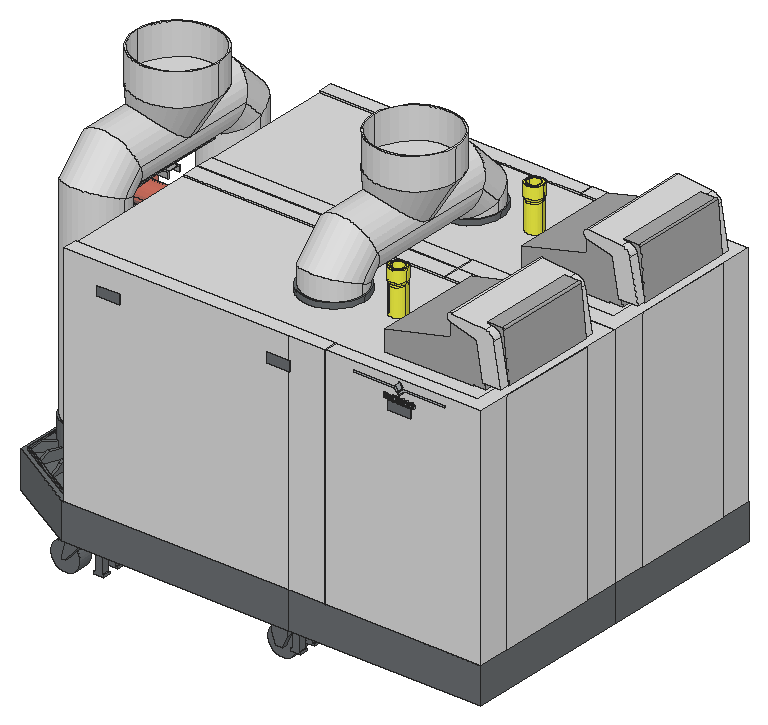
Revit family "HC_Boiler_Condensate Flow_MEPcontent_De Dietrich Thermique_C 640 8-10_FR-FR", category Mechanical Equipment, Revit 2018 (continued)
Definition of nested family "HC_Boiler_Remeha_320 Ace 8-10_Geometry_Right"
  Automatic sketch dimensions
    Extrusion 67 sketch curve to Extrusion 67 sketch curve = 47.602 mm
    Extrusion 67 sketch curve to Extrusion 67 sketch curve = 5.609 mm
    plane 17 to Extrusion 67 sketch curve = 20.603 mm
    Extrusion 67 sketch curve to plane 15 = 71.388 mm
    Extrusion 67 sketch curve to plane 6 = 12.549 mm
    Extrusion 67 sketch curve to Extrusion 67 sketch curve = 3.486 mm
    plane 17 to Extrusion 67 sketch curve = 27.549 mm
    Extrusion 67 sketch curve to plane 15 = 0.127 mm
    Extrusion 67 sketch curve to Extrusion 67 sketch curve = 31.809 mm
    Extrusion 67 sketch curve to plane 6 = 28.113 mm
    plane 1 "Center (Front/Back)" to Extrusion 68 sketch curve = 0.313 mm
    plane 3 "Center (Left/Right)" to Extrusion 68 sketch curve = 496.822 mm
    Extrusion 69 sketch curve to plane 13 = 0 mm  (x2)
    Extrusion 69 sketch curve to plane 18 = 0 mm
    Extrusion 69 sketch curve to plane 14 = 0 mm
    Extrusion 70 sketch curve to plane 6 = 0 mm
    plane 4 to Extrusion 70 sketch curve = 1.373 mm
    Extrusion 70 sketch curve to plane 4 = 30.496 mm
    Extrusion 70 sketch curve to plane 6 = 12.549 mm
    Extrusion 70 sketch curve to plane 14 = 47.598 mm
    plane 17 to Extrusion 70 sketch curve = 20.603 mm
    Extrusion 70 sketch curve to Extrusion 70 sketch curve = 39.392 mm
    Extrusion 70 sketch curve to plane 14 = 36.249 mm
    plane 17 to Extrusion 70 sketch curve = 3.317 mm
    Extrusion 70 sketch curve to plane 14 = 8.653 mm
    Extrusion 70 sketch curve to plane 14 = 1.535 mm
    plane 14 to Extrusion 70 sketch curve = 95.843 mm
    Extrusion 70 sketch curve to Extrusion 70 sketch curve = 1.547 mm
    Extrusion 70 sketch curve to plane 6 = 34.828 mm
    Extrusion 70 sketch curve to Extrusion 70 sketch curve = 4.594 mm
    plane 9 to Extrusion 70 sketch curve = 36.809 mm
    plane 4 to Extrusion 71 sketch curve = 3 mm
    plane 4 to Extrusion 71 sketch curve = 1.373 mm
    Extrusion 71 sketch curve to plane 4 = 15.437 mm
    Extrusion 71 sketch curve to plane 6 = 7.5 mm
    Extrusion 71 sketch curve to Extrusion 71 sketch curve = 7.97 mm
    Extrusion 71 sketch curve to plane 4 = 30.496 mm
    Extrusion 71 sketch curve to plane 6 = 12.549 mm
    Extrusion 71 sketch curve to Extrusion 71 sketch curve = 42.996 mm
    plane 17 to Extrusion 71 sketch curve = 20.603 mm
    Extrusion 71 sketch curve to Extrusion 71 sketch curve = 39.392 mm
    Extrusion 71 sketch curve to plane 14 = 36.568 mm
    Extrusion 71 sketch curve to Extrusion 71 sketch curve = 0.319 mm
    Extrusion 71 sketch curve to Extrusion 71 sketch curve = 20.45 mm
    Extrusion 71 sketch curve to Extrusion 71 sketch curve = 3.26 mm
    Extrusion 71 sketch curve to Extrusion 71 sketch curve = 7.311 mm
    plane 9 to Extrusion 71 sketch curve = 36.809 mm
    Extrusion 71 sketch curve to Extrusion 71 sketch curve = 1.809 mm
    Extrusion 72 sketch curve to plane 9 = 0 mm
    Extrusion 72 sketch curve to plane 18 = 83.5 mm
    Extrusion 72 sketch curve to plane 6 = 28.113 mm
    plane 14 to Extrusion 72 sketch curve = 111.752 mm
    Extrusion 72 sketch curve to plane 6 = 34.828 mm
    Extrusion 72 sketch curve to Extrusion 72 sketch curve = 9.768 mm
    Extrusion 72 sketch curve to plane 6 = 17.682 mm
    plane 9 to Extrusion 72 sketch curve = 5 mm
    plane 14 to Extrusion 72 sketch curve = 11.353 mm
    Extrusion 72 sketch curve to plane 14 = 1.535 mm
    plane 17 to Extrusion 72 sketch curve = 3.317 mm
    Extrusion 72 sketch curve to Extrusion 72 sketch curve = 7.118 mm
    Extrusion 72 sketch curve to plane 14 = 36.249 mm
    Extrusion 72 sketch curve to Extrusion 72 sketch curve = 5.609 mm
    Extrusion 72 sketch curve to Extrusion 72 sketch curve = 31.809 mm
    Extrusion 72 sketch curve to Extrusion 72 sketch curve = 87.443 mm
    Extrusion 72 sketch curve to plane 17 = 26.795 mm
    Extrusion 76 sketch curve to plane 9 = 0 mm
    Extrusion 76 sketch curve to plane 6 = 0 mm
    plane 9 to Extrusion 76 sketch curve = 87.443 mm
    plane 5 to Extrusion 76 sketch curve = 196.127 mm
    Extrusion 76 sketch curve to plane 17 = 26.795 mm
    Extrusion 76 sketch curve to Extrusion 76 sketch curve = 282.748 mm
    Extrusion 76 sketch curve to Extrusion 76 sketch curve = 14.362 mm
    Extrusion 76 sketch curve to Extrusion 76 sketch curve = 1.547 mm
    plane 9 to Extrusion 76 sketch curve = 5 mm
    Extrusion 76 sketch curve to Extrusion 76 sketch curve = 100.399 mm
    Extrusion 76 sketch curve to Extrusion 76 sketch curve = 47.602 mm
    Extrusion 76 sketch curve to Extrusion 76 sketch curve = 5.609 mm
    plane 17 to Extrusion 76 sketch curve = 20.603 mm
    Extrusion 76 sketch curve to Extrusion 76 sketch curve = 141.502 mm
    Extrusion 76 sketch curve to plane 6 = 12.549 mm
    Extrusion 76 sketch curve to Extrusion 76 sketch curve = 3.486 mm
    plane 17 to Extrusion 76 sketch curve = 27.549 mm
    plane 9 to Extrusion 76 sketch curve = 36.809 mm
    Extrusion 76 sketch curve to Extrusion 76 sketch curve = 79.124 mm
    Extrusion 76 sketch curve to plane 6 = 28.113 mm
    Sweep 62 sketch curve to Sweep 62 sketch curve = 44.198 mm
    Extrusion 48 sketch curve to plane 15 = 0.5 mm
    Extrusion 1 sketch curve to plane 4 = 0 mm
    Extrusion 1 sketch curve to plane 15 = 0 mm
    plane 3 "Center (Left/Right)" to Extrusion 1 sketch curve = 257.5 mm  (x2)
    Extrusion 1 sketch curve to plane 5 = 14 mm
    Extrusion 1 sketch curve to plane 10 = 10 mm
    Extrusion 1 sketch curve to plane 16 = 30.012 mm
    plane 14 to Extrusion 1 sketch curve = 77.432 mm
    Extrusion 1 sketch curve to plane 18 = 81.932 mm
    Extrusion 1 sketch curve to plane 10 = 10.5 mm
    Extrusion 77 sketch curve to Extrusion 77 sketch curve = 0 mm  (x2)
    Extrusion 77 sketch curve to plane 1 "Center (Front/Back)" = 0.5 mm
    plane 3 "Center (Left/Right)" to Extrusion 77 sketch curve = 166.5 mm
    Extrusion 21 sketch curve to plane 9 = 94.986 mm  (x3)
    Extrusion 21 sketch curve to Extrusion 21 sketch curve = 41.012 mm  (x3)
    plane 10 to Extrusion 21 sketch curve = 142 mm
    Extrusion 21 sketch curve to Extrusion 21 sketch curve = 97.004 mm  (x3)
    plane 3 "Center (Left/Right)" to Extrusion 21 sketch curve = 161.996 mm
    Extrusion 21 sketch curve to plane 15 = 401.006 mm
    radius of Extrusion 32 sketch curve = 125 mm
    radius of Extrusion 32 sketch curve = 132 mm
    radius of Extrusion 33 sketch curve = 30.15 mm
    radius of Extrusion 33 sketch curve = 35 mm
    radius of Extrusion 37 sketch curve = 25.4 mm
    radius of Extrusion 47 sketch curve = 125 mm
    radius of Extrusion 47 sketch curve = 132 mm
    radius of Extrusion 50 sketch curve = 30.15 mm
    radius of Extrusion 50 sketch curve = 35 mm
    radius of Extrusion 54 sketch curve = 44.5 mm
    radius of Extrusion 55 sketch curve = 44.45 mm
    radius of Extrusion 55 sketch curve = 49 mm
    radius of Sweep 56 sketch curve = 45.7 mm
    radius of Sweep 56 sketch curve = 38.05 mm
    radius of Extrusion 57 sketch curve = 99.5 mm
    radius of Extrusion 57 sketch curve = 9 mm  (x8)
    radius of Extrusion 57 sketch curve = 44.45 mm
    radius of Extrusion 58 sketch curve = 99.5 mm
    radius of Extrusion 58 sketch curve = 9 mm  (x8)
    radius of Extrusion 58 sketch curve = 44.5 mm
    radius of Extrusion 59 sketch curve = 92.5 mm
    radius of Extrusion 59 sketch curve = 9 mm  (x4)
    radius of Extrusion 59 sketch curve = 38.05 mm
    radius of Extrusion 60 sketch curve = 44.45 mm
    radius of Extrusion 61 sketch curve = 44.45 mm
    radius of Extrusion 61 sketch curve = 49 mm
    radius of Sweep 62 sketch curve = 45.7 mm
    radius of Sweep 62 sketch curve = 38.05 mm
    radius of Extrusion 63 sketch curve = 99.5 mm
    radius of Extrusion 63 sketch curve = 44.45 mm
    radius of Extrusion 64 sketch curve = 99.5 mm
    radius of Extrusion 65 sketch curve = 92.5 mm
    radius of Extrusion 65 sketch curve = 38.05 mm
    radius of Extrusion 69 sketch curve = 49 mm  (x2)
  Nested families
    nested 1: "Type" at (733.496, 353, 1260.013), type "Type", detail levels fine
    nested 2: "Logo" at (831.733, -1101.322, 1339.317) x (1, 0, 0) z (0, -0.0872, 0.9962), type "Logo", not visible
  Definition of nested family "Type"
    Parameters (values of type "Type")
      Watermarked By = "http://revitwatermark.com"
      Type Comments = ""
      Logo = none
      Keynote = "﻿﻿           ﻿     ﻿                                      ​         ​                                               ﻿﻿"
      Description = "﻿﻿           ﻿     ﻿                                      ​         ​                                               ﻿﻿"
      Assembly Code = "﻿﻿           ﻿     ﻿                                      ​         ​                                               ﻿﻿"
    Reference planes
      plane 1 "Center (Front/Back)": y = 0
      plane 2: z = 0
      plane 3 "Center (Left/Right)": x = 0
    Forms (mm)
      Extrusion 1, solid, material <- "Logo", detail levels fine
        sketch origin (0, 0, 0) x (1, 0, 0) y (0, 0, 1)
          loop
            line (-196.514, -7.625) -> (-24.589, -7.626)
            arc (-24.589, -7.626) -> (-21.719, -8.196) -> (-19.286, -9.822) r 7.5
            line (-19.286, -9.822) -> (-1.005, -28.103)
            arc (-1.005, -28.103) -> (0, -28.52) -> (1.005, -28.103) r 1.421
            line (1.005, -28.103) -> (19.286, -9.822)
            arc (19.286, -9.822) -> (21.719, -8.196) -> (24.589, -7.626) r 7.5
            line (24.589, -7.626) -> (196.514, -7.625) -> (197.253, 0) -> (21.224, 0)
            arc (21.224, 0) -> (18.546, -0.533) -> (16.275, -2.05) r 7
            line (16.275, -2.05) -> (1.131, -17.189)
            arc (1.131, -17.189) -> (0, -17.658) -> (-1.131, -17.189) r 1.6
            line (-1.131, -17.189) -> (-16.288, -2.036)
            arc (-16.288, -2.036) -> (-18.544, -0.529) -> (-21.204, 0) r 6.953
            line (-21.204, 0) -> (-197.253, 0) -> (-196.514, -7.625)
          loop
            line (-1.11, 21.527) -> (-15.551, 7.087)
            arc (-15.551, 7.087) -> (-16.018, 5.958) -> (-15.551, 4.83) r 1.596
            line (-15.551, 4.83) -> (-1.098, -9.622)
            arc (-1.098, -9.622) -> (0, -10.078) -> (1.098, -9.622) r 1.553
            line (1.098, -9.622) -> (15.572, 4.851)
            arc (15.572, 4.851) -> (16.03, 5.958) -> (15.572, 7.066) r 1.567
            line (15.572, 7.066) -> (1.11, 21.527)
            arc (1.11, 21.527) -> (0, 21.987) -> (-1.11, 21.527) r 1.57
          loop
            line (-65.002, -56.947) -> (-56.173, -56.947)
            arc (-56.173, -56.947) -> (-52.492, -55.922) -> (-49.873, -53.14) r 7.116
            arc (-49.873, -53.14) -> (-48.304, -47.023) -> (-49.644, -40.852) r 13.704
            arc (-49.644, -40.852) -> (-52.116, -38.077) -> (-55.686, -37.046) r 6.698
            line (-55.686, -37.046) -> (-65.002, -37.046) -> (-65.002, -56.947)
          loop
            line (-56.569, -40.154) -> (-61.239, -40.17) -> (-61.239, -53.823) -> (-56.958, -53.836)
            arc (-56.958, -53.836) -> (-54.725, -53.2) -> (-53.174, -51.472) r 4.19
            arc (-53.174, -51.472) -> (-52.089, -47.096) -> (-52.863, -42.655) r 10.928
            arc (-52.863, -42.655) -> (-54.332, -40.835) -> (-56.569, -40.154) r 3.976
          loop
            line (-7.094, -56.947) -> (-3.25, -56.947) -> (-3.25, -42.309) -> (-7.094, -42.309) -> (-7.094, -56.947)
          loop
            line (-7.094, -37.559) -> (-7.094, -41.061) -> (-3.25, -41.061) -> (-3.25, -37.559) -> (-7.094, -37.559)
          loop
            arc (8.081, -52.623) -> (4.356, -53.987) -> (2.246, -50.628) r 3.152
            line (2.246, -50.628) -> (11.888, -50.628)
            arc (11.888, -50.628) -> (11.883, -47.453) -> (10.698, -44.508) r 8.381
            arc (10.698, -44.508) -> (8.305, -42.384) -> (5.158, -41.806) r 5.956
            arc (5.158, -41.806) -> (2.687, -42.33) -> (0.409, -43.422) r 10.638
            arc (0.409, -43.422) -> (-1.271, -46.121) -> (-1.828, -49.251) r 8.409
            arc (-1.828, -49.251) -> (-1.504, -51.935) -> (-0.619, -54.49) r 12.713
            arc (-0.619, -54.49) -> (1.993, -56.656) -> (5.331, -57.264) r 6.695
            arc (5.331, -57.264) -> (9.352, -56.112) -> (11.661, -52.623) r 6.042
            line (11.661, -52.623) -> (8.081, -52.623)
          loop
            arc (13.888, -54.438) -> (14.683, -56.356) -> (16.601, -57.15) r 2.712
            line (16.601, -57.15) -> (20.12, -57.15) -> (20.12, -54.098) -> (18.734, -54.098)
            arc (18.734, -54.098) -> (18.026, -53.804) -> (17.732, -53.096) r 1.002
            line (17.732, -53.096) -> (17.732, -44.972) -> (20.12, -44.972) -> (20.12, -42.201) -> (17.732, -42.201) -> (17.732, -38.209) -> (13.888, -38.209) -> (13.888, -54.438)
          loop
            line (21.856, -56.947) -> (25.699, -56.947) -> (25.699, -48.765)
            arc (25.699, -48.765) -> (26.547, -46.719) -> (28.592, -45.872) r 2.893
            line (28.592, -45.872) -> (30.338, -45.872) -> (30.338, -41.773) -> (29.3, -41.773)
            arc (29.3, -41.773) -> (26.972, -42.53) -> (25.534, -44.511) r 3.958
            line (25.534, -44.511) -> (25.534, -42.201) -> (21.856, -42.201) -> (21.856, -56.947)
          loop
            line (31.267, -56.947) -> (35.111, -56.947) -> (35.111, -42.309) -> (31.267, -42.309) -> (31.267, -56.947)
          loop
            line (31.267, -37.559) -> (31.267, -41.061) -> (35.111, -41.061) -> (35.111, -37.559) -> (31.267, -37.559)
          loop
            line (51.797, -56.947) -> (55.641, -56.947) -> (55.641, -47.837)
            arc (55.641, -47.837) -> (58.399, -45.079) -> (61.158, -47.837) r 2.759
            line (61.158, -47.837) -> (61.158, -56.947) -> (65.002, -56.947) -> (65.002, -46.747)
            arc (65.002, -46.747) -> (63.569, -43.289) -> (60.111, -41.856) r 4.89
            arc (60.111, -41.856) -> (57.65, -42.396) -> (55.641, -43.917) r 5.879
            line (55.641, -43.917) -> (55.641, -37.045) -> (51.797, -37.045) -> (51.797, -56.947)
          loop
            arc (50.107, -47.467) -> (48.16, -43.271) -> (43.783, -41.773) r 5.893
            arc (43.783, -41.773) -> (40.733, -42.391) -> (38.282, -44.309) r 6.766
            arc (38.282, -44.309) -> (37.092, -47.026) -> (36.764, -49.974) r 9.864
            arc (36.764, -49.974) -> (37.886, -54.202) -> (41.292, -56.947) r 7.027
            arc (41.292, -56.947) -> (44.147, -57.392) -> (46.94, -56.651) r 7.027
            arc (46.94, -56.651) -> (49.227, -54.554) -> (50.075, -51.569) r 5.697
            line (50.075, -51.569) -> (46.547, -51.569)
            arc (46.547, -51.569) -> (44.325, -54.292) -> (41.212, -52.662) r 2.779
            arc (41.212, -52.662) -> (40.634, -48.941) -> (41.911, -45.398) r 7.611
            arc (41.911, -45.398) -> (44.905, -44.925) -> (46.555, -47.467) r 2.783
            line (46.555, -47.467) -> (50.107, -47.467)
          loop
            line (-42.468, -48.405) -> (-35.879, -48.405)
            arc (-35.879, -48.405) -> (-39.174, -45.11) -> (-42.468, -48.405) r 3.294
          loop
            arc (-32.423, -50.628) -> (-32.428, -47.453) -> (-33.613, -44.508) r 8.381
            arc (-33.613, -44.508) -> (-36.006, -42.384) -> (-39.153, -41.806) r 5.956
            arc (-39.153, -41.806) -> (-41.624, -42.33) -> (-43.901, -43.422) r 10.638
            arc (-43.901, -43.422) -> (-45.581, -46.121) -> (-46.139, -49.251) r 8.409
            arc (-46.139, -49.251) -> (-45.814, -51.935) -> (-44.929, -54.49) r 12.713
            arc (-44.929, -54.49) -> (-42.318, -56.656) -> (-38.98, -57.264) r 6.695
            arc (-38.98, -57.264) -> (-34.958, -56.112) -> (-32.649, -52.623) r 6.042
            line (-32.649, -52.623) -> (-36.23, -52.623)
            arc (-36.23, -52.623) -> (-39.954, -53.987) -> (-42.064, -50.628) r 3.152
            line (-42.064, -50.628) -> (-32.423, -50.628)
          loop
            line (-25.689, -56.947) -> (-16.86, -56.947)
            arc (-16.86, -56.947) -> (-13.179, -55.922) -> (-10.56, -53.14) r 7.116
            arc (-10.56, -53.14) -> (-8.991, -47.023) -> (-10.331, -40.852) r 13.704
            arc (-10.331, -40.852) -> (-12.803, -38.077) -> (-16.373, -37.046) r 6.698
            line (-16.373, -37.046) -> (-25.689, -37.046) -> (-25.689, -56.947)
          loop
            line (-17.256, -40.154) -> (-21.926, -40.17) -> (-21.926, -53.823) -> (-17.645, -53.836)
            arc (-17.645, -53.836) -> (-15.412, -53.2) -> (-13.861, -51.472) r 4.19
            arc (-13.861, -51.472) -> (-12.777, -47.096) -> (-13.551, -42.655) r 10.928
            arc (-13.551, -42.655) -> (-15.019, -40.835) -> (-17.256, -40.154) r 3.976
          loop
            line (1.843, -48.405) -> (8.431, -48.405)
            arc (8.431, -48.405) -> (5.137, -45.11) -> (1.843, -48.405) r 3.294
        from 0 to 2
    Dimensions and locks
      aligned and locked: level to plane 2
  Definition of nested family "Logo"
    Parameters (values of type "Logo")
      White = none
      Watermarked By = "http://revitwatermark.com"
      Type Comments = ""
      Keynote = "﻿﻿           ﻿     ﻿                                      ​         ​                                               ﻿﻿"
      Description = "﻿﻿           ﻿     ﻿                                      ​         ​                                               ﻿﻿"
      Assembly Code = "﻿﻿           ﻿     ﻿                                      ​         ​                                               ﻿﻿"
    Reference planes
      plane 1 "Center (Front/Back)": y = 0
      plane 2: z = 0
      plane 3 "Center (Left/Right)": x = 0
    Forms (mm)
      Extrusion 1, solid, material <- "White", detail levels fine
        sketch origin (0, 0, 0) x (1, 0, 0) y (0, 0, 1)
          loop
            line (-100.023, 41.295) -> (-100.023, 37.224) -> (100.023, 37.224) -> (100.023, 41.295) -> (-100.023, 41.295)
          loop
            line (-100.023, 4.087) -> (-100.023, 0) -> (100.023, 0) -> (100.023, 4.087) -> (-100.023, 4.087)
          loop
            line (-85.59, 28.553) -> (-85.59, 12.742) -> (-71.776, 12.742) -> (-71.776, 28.553) -> (-85.59, 28.553)
          loop
            line (-90.909, 33.822) -> (-90.909, 7.489) -> (-66.457, 7.489) -> (-66.457, 18.022) -> (-61.165, 18.022)
            arc (-61.165, 18.022) -> (-58.523, 17.175) -> (-56.868, 14.949) r 4.541
            line (-56.868, 14.949) -> (-54.319, 7.489) -> (-48.017, 7.473) -> (-51.833, 16.644)
            arc (-51.833, 16.644) -> (-52.748, 18.476) -> (-53.907, 20.163) r 14.838
            arc (-53.907, 20.163) -> (-48.93, 27.827) -> (-55.827, 33.822) r 6.964
            line (-55.827, 33.822) -> (-90.909, 33.822)
          loop
            line (-66.457, 28.553) -> (-66.457, 23.276) -> (-57.057, 23.276)
            arc (-57.057, 23.276) -> (-54.419, 25.914) -> (-57.057, 28.553) r 2.639
            line (-57.057, 28.553) -> (-66.457, 28.553)
          loop
            line (-30.533, 26.248) -> (-30.533, 7.481) -> (-25.264, 7.481) -> (-25.264, 17.244)
            arc (-25.264, 17.244) -> (-23.552, 21.044) -> (-19.573, 22.28) r 5.074
            line (-19.573, 22.28) -> (-19.573, 26.693)
            arc (-19.573, 26.693) -> (-22.839, 26.248) -> (-25.489, 24.288) r 6.643
            line (-25.489, 24.288) -> (-25.489, 26.248) -> (-30.533, 26.248)
          loop
            arc (-4.311, 19.091) -> (-8.455, 22.305) -> (-12.599, 19.091) r 4.279
            line (-12.599, 19.091) -> (-4.311, 19.091)
          loop
            line (-12.795, 15.535) -> (1.085, 15.535)
            arc (1.085, 15.535) -> (-8.297, 26.53) -> (-17.678, 15.535) r 9.5
            arc (-17.678, 15.535) -> (-9.11, 7.031) -> (1.085, 13.498) r 9.678
            line (1.085, 13.498) -> (-4.451, 13.498)
            arc (-4.451, 13.498) -> (-9.386, 11.391) -> (-12.795, 15.535) r 4.475
          loop
            line (3.882, 7.483) -> (9.064, 7.483) -> (9.064, 18.919)
            arc (9.064, 18.919) -> (12.063, 21.918) -> (15.062, 18.919) r 2.999
            line (15.062, 18.919) -> (15.062, 7.461) -> (20.308, 7.461) -> (20.308, 18.721)
            arc (20.308, 18.721) -> (23.383, 21.796) -> (26.458, 18.721) r 3.075
            line (26.458, 18.721) -> (26.458, 7.461) -> (31.705, 7.461) -> (31.705, 20.448)
            arc (31.705, 20.448) -> (26.983, 26.666) -> (19.725, 23.789) r 6.456
            arc (19.725, 23.789) -> (14.452, 26.599) -> (8.839, 24.551) r 7.332
            line (8.839, 24.551) -> (8.839, 26.251) -> (3.882, 26.251) -> (3.882, 7.483)
          loop
            arc (47.673, 19.091) -> (43.529, 22.305) -> (39.384, 19.091) r 4.279
            line (39.384, 19.091) -> (47.673, 19.091)
          loop
            line (39.189, 15.535) -> (53.069, 15.535)
            arc (53.069, 15.535) -> (43.687, 26.53) -> (34.305, 15.535) r 9.5
            arc (34.305, 15.535) -> (42.874, 7.031) -> (53.069, 13.498) r 9.678
            line (53.069, 13.498) -> (47.533, 13.498)
            arc (47.533, 13.498) -> (42.598, 11.391) -> (39.189, 15.535) r 4.475
          loop
            line (55.849, 7.483) -> (61.095, 7.483) -> (61.095, 18.056)
            arc (61.095, 18.056) -> (64.107, 21.371) -> (67.695, 18.69) r 3.331
            line (67.695, 18.69) -> (67.695, 7.483) -> (72.941, 7.483) -> (72.941, 20.106)
            arc (72.941, 20.106) -> (68.584, 26.453) -> (61.095, 24.667) r 6.801
            line (61.095, 24.667) -> (61.095, 33.444) -> (55.849, 33.444) -> (55.849, 7.483)
          loop
            arc (92.709, 21.316) -> (91.632, 23.999) -> (89.323, 25.74) r 5.391
            arc (89.323, 25.74) -> (87.554, 26.227) -> (85.739, 26.502) r 15.587
            arc (85.739, 26.502) -> (83.923, 26.614) -> (82.106, 26.502) r 14.853
            arc (82.106, 26.502) -> (80.227, 26.033) -> (78.517, 25.124) r 7.96
            arc (78.517, 25.124) -> (77.662, 24.261) -> (76.971, 23.262) r 6.93
            arc (76.971, 23.262) -> (76.299, 21.757) -> (75.847, 20.172) r 11.569
            line (75.847, 20.172) -> (80.961, 20.188)
            arc (80.961, 20.188) -> (81.56, 21.488) -> (82.736, 22.304) r 2.726
            arc (82.736, 22.304) -> (84.452, 22.642) -> (86.193, 22.468) r 5.971
            arc (86.193, 22.468) -> (87.462, 20.747) -> (86.018, 19.17) r 1.683
            line (86.018, 19.17) -> (81.018, 18.461)
            arc (81.018, 18.461) -> (77.052, 16.304) -> (75.469, 12.077) r 6.456
            arc (75.469, 12.077) -> (75.989, 9.972) -> (77.435, 8.355) r 4.494
            arc (77.435, 8.355) -> (82.702, 7.196) -> (87.757, 9.076) r 9.546
            line (87.757, 9.076) -> (88.213, 7.499) -> (93.421, 7.499) -> (92.709, 11.164) -> (92.709, 21.316)
          loop
            line (87.638, 16.615) -> (81.505, 14.843)
            arc (81.505, 14.843) -> (80.773, 13.786) -> (80.632, 12.473) r 2.569
            arc (80.632, 12.473) -> (81.392, 11.124) -> (82.852, 10.61) r 2.199
            arc (82.852, 10.61) -> (84.22, 10.943) -> (85.555, 11.391) r 16.502
            arc (85.555, 11.391) -> (86.927, 12.444) -> (87.505, 14.074) r 3.045
            line (87.505, 14.074) -> (87.638, 16.615)
        from 0 to 36.246
    Dimensions and locks
      aligned and locked: level to plane 2
Definition of nested family "Service Space"
  Parameters (values of type "Service Space")
    Depth = 1833 mm
    Watermarked By = "www.stabiplan.com"
    URL = "www.stabiplan.com"
    Type Comments = "﻿﻿                           ​​               ​  ​     ﻿         ﻿      ​                         ​     ​              ​         ﻿﻿   ﻿       ​            ​  ​  ​                      ﻿﻿"
    Show Service Area [instance] = yes
    Top Clearance = 80 mm
    Right Clearance = 800 mm
    Left Clearance = 800 mm
    Keynote = "﻿﻿                           ​​               ​  ​     ﻿         ﻿      ​                         ​     ​              ​         ﻿﻿   ﻿       ​            ​  ​  ​                      ﻿﻿"
    Glass = none
    Front Clearance = 300 mm
    Bottom Clearance = 0 mm
    Model = ""
    Manufacturer = ""
    Width = 716 mm
    Height = 1500 mm
    Description = "﻿﻿                           ​​               ​  ​     ﻿         ﻿      ​                         ​     ​              ​         ﻿﻿   ﻿       ​            ​  ​  ​                      ﻿﻿"
    Manufacturer URL = ""
    Copyright = "© Stabiplan BV / Stabiplan International BV"  # constant formula
    Back Clearance = 800 mm
    Assembly Code = "﻿﻿                           ​​               ​  ​     ﻿         ﻿      ​                         ​     ​              ​         ﻿﻿   ﻿       ​            ​  ​  ​                      ﻿﻿"
  Reference planes
    plane 1 "Center (Front/Back)": y = 0
    plane 2: z = 0
    plane 3 "Center (Left/Right)": x = 0
    plane 4: x = 358
    plane 5: x = -358
    plane 6: z = 0
    plane 7: z = 1500
    plane 8: x = -353
    plane 9: x = 353
    plane 10: z = -20
    plane 11: y = -1216.5
    plane 12: x = 1158
    plane 13: x = -1158
    plane 14: z = 1580
    plane 15: y = 916.5
    plane 16: y = -916.5
    plane 17: y = 1716.5
  Forms (mm)
    Extrusion 1, solid, material <- "Glass", visible <- "Show Service Area"
      sketch origin (0, 0, 0) x (1, 0, 0) y (0, 1, 0)
        loop
          line (-1158, 1716.5) -> (-1158, -1216.5) -> (1158, -1216.5) -> (1158, 1716.5) -> (-1158, 1716.5)
      from 0 to 1580
  Dimensions and locks
    equal spacing: plane 5, plane 3 "Center (Left/Right)", plane 4
    "Width": plane 5 to plane 4
    "Bottom Clearance": plane 6 to plane 2
    "Height": plane 7 to plane 6
    locked: plane 8 to plane 5 at 5
    locked: plane 9 to plane 4 at 5
    locked: plane 6 to plane 10 at 20
    "Right Clearance": plane 12 to plane 4
    "Left Clearance": plane 13 to plane 5
    "Top Clearance": plane 14 to plane 7
    equal spacing: plane 16, plane 1 "Center (Front/Back)", plane 15
    "Back Clearance": plane 17 to plane 15
    "Depth": plane 15 to plane 16
    "Front Clearance": plane 11 to plane 16
    aligned and locked: level to plane 2
    aligned and locked: Extrusion 1 to plane 14
    aligned and locked: Extrusion 1 to plane 17
  Automatic sketch dimensions
    Extrusion 1 sketch curve to plane 13 = 0 mm
    plane 11 to Extrusion 1 sketch curve = 0 mm
    Extrusion 1 sketch curve to plane 12 = 0 mm
    Extrusion 1 sketch curve to plane 1 "Center (Front/Back)" = 1716.5 mm
Types (3, lengths in mm): name | Model | Manufacturer Art. No. | GTIN | Description | Article Type | Article Description
  1000 | "1000" | "7752876" | "8713809330279" | "C 640 - 1000" | "1000" | "C 640 - 1000"
  1140 | "1140" | "7752877" | "8713809330286" | "C 640 - 1140" | "1140" | "C 640 - 1140"
  1300 | "1300" | "7752878" | "8713809330293" | "C 640 - 1300" | "1300" | "C 640 - 1300"
